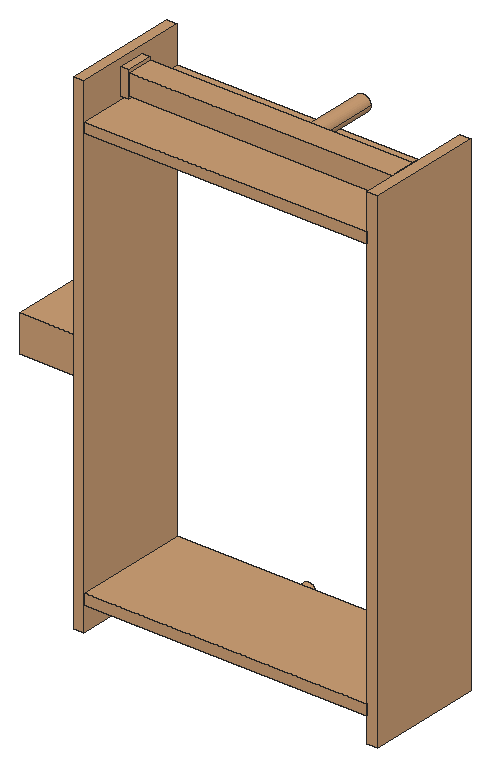
Revit family
Parameters
  Center Of Unit = 0' - 0"  # constant formula
  Water Pressure Drop [instance] = 0.00 psi
  Water Flow [instance] = 0 GPM
  Unit Weight (lbs) = 656
  URL = "http://www.ljwing.com/"
  Water Outlet Radius = 0' - 1 1/2"
  Water Outlet Odd sizes = 0' - 5 23/64"
  Total Heating Capacity [instance] = 0.0 Btu/h
  Temperature Rise [instance] = 0 °F
  Series = "VIFB"
  Outlet Area = 29.00 SF
  Number of Rows = 1  # constant formula
  Number of Coils [instance] = 0
  Nominal Length = 4' - 9 5/8"
  Model = "VE-5"
  Manufacturer = "LJ Wing"
  Leaving Water Temperature [instance] = 0 °F
  Leaving Air Temperature [instance] = 0 °F
  Face Velocity (FPM) [instance] = 0
  Entering Water Temperature [instance] = 0 °F
  Entering Air Temperature [instance] = 0 °F
  Description = "Vertical Integral Face & Bypass Water Heating Coils"
  Hot Water Odd Sizes = 0' - 5 23/64"
  Hot Water Inlet Offset = 0' - 4 3/8"  # constant formula
  Hot Water Inlet  Radius = 0' - 1 1/2"
  Coil Face Area = Outlet Area * 0.56  # 16.24 SF
  Casing Material = ""
  Assembly Code = "D3020300"
  Air Pressure Drop [instance] = 0.00 in-wg
  Air Inlet Width = Nominal Length - 0' 4"  # 4' - 5 5/8"
  Air Inlet Height = Y  # 6' - 6"
  Air Flow [instance] = 0 CFM
  Z = 0' - 3 3/4"
  Y = 6' - 6"
  S = 0' - 6 13/16"
  Product URL = "http://www.ljwing.com/html/vifb.asp"
  OmniClass = "23-75 70 21 14"
  Nominal Height = 7' - 9 11/16"
  Nominal Depth = 1' - 10"
  R = 0' - 8 7/8"
  Q = 0' - 4 13/16"
  P = 0' - 3 3/4"
  L = 0' - 3"
Reference planes (in)
  plane 1 "Center (Front/Back)": y = 0
  plane 2: z = -39
  plane 3 "Center (Left/Right)": x = 0
  plane 4: z = 47.875
  plane 5: x = -28.8125
  plane 6: x = 28.8125
  plane 7: z = -45.8125
  plane 8: z = 0
  plane 9: y = -11
  plane 10: y = 11
  plane 11: z = 39
  plane 12: z = 41
  plane 13: z = -41
  plane 14: x = 26.8125
  plane 15: x = -26.8125
  plane 16: z = 44.125
  plane 17: z = -42.8125
  plane 18: x = -24
  plane 19: x = 24
  plane 20: y = 14.75
  plane 21: y = 15.375
  plane 22: x = -39.8125
  plane 23: x = 5.35938
  plane 24: x = -5.35937
  plane 25: z = 46.125
  plane 26: z = 42.125
  plane 27: y = -2.5
  plane 28: y = 2.5
  plane 29: y = -4.5
Forms (in)
  Extrusion 1, solid, material "Painted Finish"
    sketch origin (0, 6, -9.75) x (1, 0, 0) y (0, 0, 1)
      loop
        line (-28.8125, -36.0625) -> (-26.8125, -36.0625) -> (-26.8125, 57.625) -> (-28.8125, 57.625) -> (-28.8125, -36.0625)
      loop
        line (28.8125, -36.0625) -> (28.8125, 57.625) -> (26.8125, 57.625) -> (26.8125, -36.0625) -> (28.8125, -36.0625)
    from -5 to 17
  Extrusion 2, solid, material "Painted Finish"
    sketch origin (0, 6, 0) x (1, 0, 0) y (0, 0, 1)
      loop
        line (26.8125, -39) -> (-26.8125, -39) -> (-26.8125, -41) -> (26.8125, -41) -> (26.8125, -39)
      loop
        line (26.8125, 39) -> (26.8125, 41) -> (-26.8125, 41) -> (-26.8125, 39) -> (26.8125, 39)
    from -5 to 17
  Extrusion 3, solid, material "Painted Finish"
    sketch origin (0, 10, -0.5) x (1, 0, 0) y (0, 0, 1)
      loop
        line (-28.8125, 4) -> (-39.8125, 4) -> (-39.8125, -3) -> (-28.8125, -3) -> (-28.8125, 4)
    from 0 to 20
  Extrusion 4, solid, material "Painted Finish"
    sketch origin (0, 6, 0) x (1, 0, 0) y (0, 0, 1)
      loop
        line (-25.1875, 46.125) -> (-25.1875, 42.125) -> (25.1875, 42.125) -> (25.1875, 46.125) -> (-25.1875, 46.125)
    from 3.5 to 8.5
  Extrusion 5, solid, material "Painted Finish"
    sketch origin (0, 0, 0) x (1, 0, 0) y (0, 0, 1)
      loop
        line (-25.1875, 41.625) -> (-25.1875, 46.625) -> (-26.8125, 46.625) -> (-26.8125, 41.625) -> (-25.1875, 41.625)
      loop
        line (26.8125, 41.625) -> (26.8125, 46.625) -> (25.1875, 46.625) -> (25.1875, 41.625) -> (26.8125, 41.625)
    from -2.5 to 2.5
  Extrusion 6, solid, material "Painted Finish"
    sketch origin (0, 23, 0) x (1, 0, 0) y (0, 0, 1)
      loop
        circle (5.35938, 44.125) r 1.5
    from 8.25 to 20.5
  Extrusion 7, solid, material "Painted Finish"
    sketch origin (0, 6, 0) x (1, 0, 0) y (0, 0, 1)
      loop
        line (-26.8125, -41) -> (-26.8125, -45.8125) -> (26.8125, -45.8125) -> (26.8125, -41) -> (-26.8125, -41)
    from -5 to 10.5
  Extrusion 8, solid, material "Painted Finish"
    sketch origin (0, 23, 0) x (1, 0, 0) y (0, 0, 1)
      loop
        circle (-5.35937, -42.8125) r 1.5
    from 7.625 to 12
  Extrusion 9, void
    sketch origin (0, 0, 0) x (1, 0, 0) y (0, 0, 1)
      loop
        line (-26.8125, 39) -> (-26.8125, -39) -> (26.8125, -39) -> (26.8125, 39) -> (-26.8125, 39)
    from -11 to 11
Cuts and joins
  Extrusion 9 cuts Extrusion 1
  Extrusion 9 cuts Extrusion 2
Dimensions and locks (in)
  "Nominal Length": plane 6 to plane 5
  equal spacing: plane 6, plane 3 "Center (Left/Right)", plane 5
  "S": plane 2 to plane 7
  "Nominal Depth": plane 10 to plane 9
  equal spacing: plane 10, plane 1 "Center (Front/Back)", plane 9
  "Y": plane 11 to plane 2
  "R": plane 4 to plane 11
  locked: plane 12 to plane 11 at 2
  locked: plane 2 to plane 13 at 2
  "P": plane 4 to plane 16
  "L": plane 17 to plane 7
  "Q": plane 18 to plane 5
  "Q": plane 6 to plane 19
  "Z": plane 20 to plane 10
  "Hot Water Inlet Offset": plane 21 to plane 10
  locked: plane 5 to plane 22 at 11
  locked: Extrusion 3 sketch curve to Extrusion 3 sketch curve at 7
  locked: Extrusion 3 to Extrusion 3 at 20
  locked: plane 6 to plane 14 at 2
  locked: plane 15 to plane 5 at 2
  "Water Outlet Odd sizes": plane 23 to plane 3 "Center (Left/Right)"
  "Hot Water Odd Sizes": plane 3 "Center (Left/Right)" to plane 24
  equal spacing: plane 25, plane 16, plane 26
  locked: Extrusion 5 sketch curve to plane 25 at 0.5
  locked: plane 26 to Extrusion 5 sketch curve at 0.5
  locked: Extrusion 6 sketch curve to plane 16 at 0
  locked: Extrusion 6 sketch curve to plane 23 at 0
  locked: Extrusion 8 sketch curve to plane 17 at 0
  locked: Extrusion 8 sketch curve to plane 24 at 0
  locked: plane 25 to plane 26 at 4
  locked: plane 28 to plane 27 at 5
  equal spacing: plane 28, plane 1 "Center (Front/Back)", plane 27
  locked: plane 27 to plane 29 at 2
  plane 4 to plane 7 = 7' - 9 11/16"
  locked: Extrusion 5 sketch curve to Extrusion 1 at 1.625
  locked: Extrusion 5 sketch curve to Extrusion 5 sketch curve at 1.625
  locked: Extrusion 9 sketch curve to plane 11 at 0
  locked: Extrusion 9 sketch curve to plane 15 at 0
  locked: Extrusion 9 sketch curve to plane 14 at 0
  locked: Extrusion 9 sketch curve to plane 2 at 0
  equal spacing: plane 11, plane 8, plane 2
  "Water Outlet Radius": radius of Extrusion 6 sketch curve
  "Hot Water Inlet  Radius": radius of Extrusion 8 sketch curve
  aligned and locked: Extrusion 1 to plane 9
  aligned and locked: Extrusion 1 to plane 10
  aligned and locked: Extrusion 1 to plane 15
  aligned and locked: Extrusion 1 to plane 14
  aligned and locked: Extrusion 2 to plane 9
  aligned and locked: plane 9 to Extrusion 1
  aligned and locked: plane 10 to Extrusion 1  (x2)
  aligned and locked: Extrusion 2 to plane 10
  aligned and locked: plane 10 to Extrusion 2  (x2)
  aligned and locked: plane 9 to Extrusion 2  (x2)
  aligned and locked: plane 5 to Extrusion 3
  aligned and locked: Extrusion 5 sketch curve to plane 15
  aligned and locked: Extrusion 5 sketch curve to Extrusion 4
  aligned and locked: Extrusion 6 to plane 20
  aligned and locked: Extrusion 1 to Extrusion 7
  aligned and locked: Extrusion 8 to plane 10
  aligned and locked: plane 21 to Extrusion 8
  aligned and locked: plane 27 to Extrusion 5
  aligned and locked: Extrusion 5 to Extrusion 4  (x2)
  aligned and locked: Extrusion 5 to plane 28
  aligned and locked: Extrusion 6 to Extrusion 4
  aligned and locked: Extrusion 7 to plane 29  (x2)
  aligned and locked: Extrusion 8 to Extrusion 7
  aligned and locked: Extrusion 4 to Extrusion 5  (x2)
  aligned and locked: Extrusion 5 to Extrusion 1  (x2)
  aligned and locked: plane 2 to Extrusion 2
  aligned and locked: Extrusion 1 sketch curve to plane 6
  aligned and locked: Extrusion 1 sketch curve to plane 14
  aligned and locked: Extrusion 1 sketch curve to plane 15
  aligned and locked: Extrusion 1 sketch curve to plane 5
  aligned and locked: plane 7 to Extrusion 1 sketch curve  (x2)
  aligned and locked: Extrusion 1 sketch curve to plane 4  (x2)
  aligned and locked: Extrusion 2 sketch curve to plane 11
  aligned and locked: Extrusion 2 sketch curve to plane 12
  aligned and locked: Extrusion 2 sketch curve to plane 14
  aligned and locked: Extrusion 2 sketch curve to plane 15
  aligned and locked: Extrusion 2 sketch curve to plane 13
  aligned and locked: plane 2 to Extrusion 2 sketch curve
  aligned and locked: plane 14 to Extrusion 2 sketch curve
  aligned and locked: plane 15 to Extrusion 2 sketch curve
  aligned and locked: plane 13 to Extrusion 7 sketch curve
  aligned and locked: Extrusion 7 sketch curve to plane 7
  aligned and locked: plane 14 to Extrusion 7 sketch curve
  aligned and locked: Extrusion 7 sketch curve to plane 15
  aligned and locked: cut or joined group of Extrusion 1, Extrusion 9 to plane 10
  aligned and locked: Extrusion 8 to plane 21
Automatic sketch dimensions
  Extrusion 3 sketch curve to plane 22 = 0' - 0"
  Extrusion 3 sketch curve to plane 5 = 0' - 0"
  plane 8 to Extrusion 3 sketch curve = 0' - 3 1/2"
  Extrusion 4 sketch curve to plane 25 = 0' - 0"
  Extrusion 4 sketch curve to plane 26 = 0' - 0"
  Extrusion 4 sketch curve to plane 18 = 0' - 1 3/16"
  plane 19 to Extrusion 4 sketch curve = 0' - 1 3/16"
  plane 26 to Extrusion 5 sketch curve = 0' - 0 1/2"
  Extrusion 5 sketch curve to plane 25 = 0' - 0 1/2"
Connectors (in)
  hvac at (0, -11, 0), driven by "Air Inlet Height", driven by "Air Inlet Width", driven by "Air Flow", driven by "Air Pressure Drop"
    settings: on Extrusion 9, index 1
  hvac at (0, 11, 0), driven by "Air Pressure Drop", driven by "Air Inlet Height", driven by "Air Inlet Width", driven by "Air Flow"
    settings: on Extrusion 9, index 2
  piping at (5.35938, 14.75, 44.125), driven by "Water Flow", driven by "Water Outlet Radius", driven by "Water Pressure Drop"
    settings: on Extrusion 6, index 3
  piping at (-5.35937, 15.375, -42.8125), driven by "Water Flow", driven by "Water Pressure Drop", driven by "Hot Water Inlet  Radius"
    settings: on Extrusion 8, index 4
